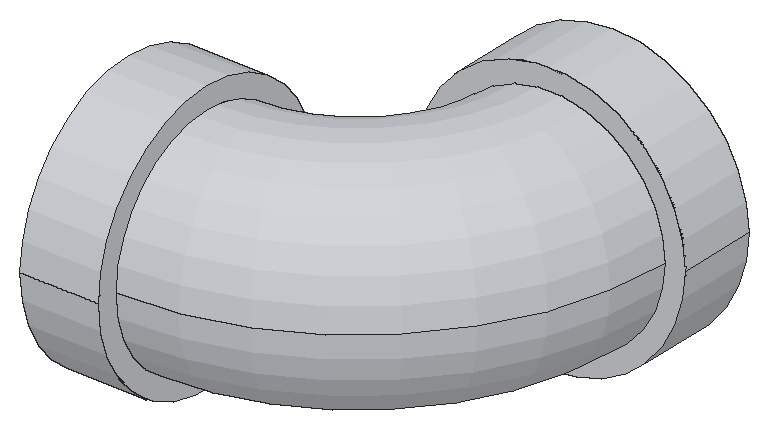
Revit family "27ba57c49042406caf2091c52cb67ce4", category Pipe Fittings, Revit 2021
Family settings
  Round Connector Dimension = Use Radius
  Part Type = Elbow
  OmniClass Number = 23.60.30.11.14
  OmniClass Title = Pipework Fittings
  Seek Item ID = Elbow - Threaded - MI - Class 150-0000-USA-ENU
  Work Plane-Based = No
  Always vertical = Yes
  Cut with Voids When Loaded = No
  Shared = No
Parameters (values of type "Standard")
  Tick Size [instance] = Fitting Outside Diameter * 0.4  # 0.23433"
  Metal Thickness [instance] = size_lookup(Lookup Table Name, "MThk", 0.04 * Nominal Diameter + 11/128", Nominal Diameter)  # 0.09016"
  Loss Method = K Coefficient from Table
  Lookup Table Name = "Elbow - Threaded - MI - Class 150"
  Length 3 [instance] = Center to End * sin(Angle)  # 0.68898"
  Length 2 [instance] = Center to End * cos(Angle) + Center to End  # 0.68898"
  K Coefficient Table = "Regular Threaded 45, 90 and 180 Elbow"
  Fitting Outside Radius [instance] = Fitting Outside Diameter / 2  # 0.29291"
  Fitting Outside Diameter [instance] = Fitting Inside Diameter + Metal Thickness * 2  # 0.58583"
  Length 1 [instance] = (Fitting Outside Radius + 1/32") * tan(Angle / 2) + Band Width  # 0.52495"
  Nominal Radius [instance] = 1/16"
  Nominal Diameter [instance] = Nominal Radius * 2  # 1/8"
  Fitting Inside Diameter [instance] = size_lookup(Lookup Table Name, "FID", 1.08 * Nominal Diameter + 13/64", Nominal Diameter)  # 0.40551"
  Default Elevation = 0' - 0"
  Center to End 1 [instance] = size_lookup(Lookup Table Name, "CtE1", 0.78 * Nominal Diameter + 171/256", Nominal Diameter)  # 0.68898"
  Center to End 2 [instance] = size_lookup(Lookup Table Name, "CtE2", 0.5 * Nominal Diameter + 79/128", Nominal Diameter)  # 0.65748"
  Center to End [instance] = if(and(Angle > 0.00°, (not(Angle > 45.00°))), if(Center to End 2 > Fitting Outside Radius * tan(Angle / 2) + Band Width, Center to End 2, Length 1), if(Center to End 1 > Fitting Outside Radius * tan(Angle / 2) + Band Width, Center to End 1, Length 1))  # 0.68898"
  Center Radius [instance] = (Center to End - Band Width) / tan(Angle / 2)  # 0.48819"
  Band Width [instance] = size_lookup(Lookup Table Name, "BWid", 0.12 * Nominal Diameter + 45/256", Nominal Diameter)  # 0.20079"
  Band Outside Radius [instance] = Band Outside Diameter / 2  # 0.34646"
  Band Outside Diameter [instance] = size_lookup(Lookup Table Name, "BOD", 1.23 * Nominal Diameter + 125/256", Nominal Diameter)  # 0.69291"
  Assembly Code = ""
  Angle [instance] = 90.00°
Reference planes (in)
  plane 1 "Center (Front/Back)": y = 0
  plane 2: z = 0
  plane 3 "Center (Left/Right)": x = 0
  plane 4: x = -0.48819
  plane 5: x = -0.68898
  plane 6: y = 0.48819
  plane 7: y = 0.23433
  plane 8: y = -0.23433
  plane 9: x = 0
  plane 10: y = 0.68898
Forms (in)
  Sweep 1, solid, detail levels fine
    path in 3D
      loop
        arc (-0.48819, 0, 0) -> (-0.14299, 0.14299, 0) -> (0, 0.48819, 0) r 0.48819
    profile origin (-0.14299, 0.14299, 0) x (-0.707107, 0.707107, 0) y (0, 0, 1)
      loop
        circle (0, 0) r 0.29291
  Sweep 2, solid, detail levels fine
    path in 3D
      loop
        line (-0.68898, 0, 0) -> (-0.48819, 0, 0)
    profile origin (-0.58858, 0, 0) x (0, 1, 0) y (0, 0, 1)
      loop
        circle (0, 0) r 0.34646
  Sweep 3, solid, detail levels fine
    path in 3D
      loop
        line (0, 0.48819, 0) -> (0, 0.68898, 0)
    profile origin (0, 0.58858, 0) x (-1, 0, 0) y (0, 0, 1)
      loop
        circle (0, 0) r 0.34646
Cuts and joins
  joined: Sweep 1, Sweep 2, Sweep 3
Lines and regions (in)
  model lines, detail levels coarse+medium
    curve 1: line (-0.68898, 0, 0) -> (-0.48819, 0, 0)
    curve 2: arc (-0.48819, 0, 0) -> (-0.14299, 0.14299, 0) -> (0, 0.48819, 0) r 0.48819
    curve 3: line (0, 0.48819, 0) -> (0, 0.68898, 0)
    curve 8: line (-0.68898, 0, 0) -> (-0.68898, 0.23433, 0)
    curve 9: line (-0.68898, 0, 0) -> (-0.68898, -0.23433, 0)
    curve 10: line (0, 0.68898, 0) -> (-0.23433, 0.68898, 0)
    curve 11: line (0, 0.68898, 0) -> (0.23433, 0.68898, 0)
  sketch lines
    curve 4: arc (-0.48819, 0, 0) -> (-0.14299, 0.14299, 0) -> (0, 0.48819, 0) r 0.48819
    curve 5: line (-0.68898, 0, 0) -> (-0.48819, 0, 0)
    curve 6: line (0, 0.48819, 0) -> (0, 0.68898, 0)
  reference lines
    curve 7: line (-0.68898, 0, 0) -> (-0.48819, 0, 0)
    curve 12: line (0, 0.68898, 0) -> (0, 0.48819, 0)
Dimensions and locks (in)
  "Center Radius": plane 6 to plane 1 "Center (Front/Back)"
  "Band Width": plane 5 to plane 4
  "Tick Size": plane 7 to plane 1 "Center (Front/Back)"
  "Tick Size": plane 8 to plane 1 "Center (Front/Back)"
  "Band Width": curve 3 to curve 3
  "Tick Size": curve 10 to curve 10
  "Tick Size": curve 11 to curve 11
  "Center to End": plane 5 to plane 3 "Center (Left/Right)"
  "Length 2": plane 5 to plane 9
  "Length 3": plane 10 to plane 1 "Center (Front/Back)"
  "Center Radius": radius of curve 2
  "Fitting Outside Radius": radius of Sweep 1 sketch curve
  "Band Outside Radius": radius of Sweep 2 sketch curve
  "Band Outside Radius": radius of Sweep 3 sketch curve
  "Angle": angle curve 2 to curve 2
  "Angle": angle plane 1 "Center (Front/Back)" to curve 3
  locked: curve 11 to curve 3 (angle 90.00°)
  locked: curve 3 to curve 10 (angle 90.00°)
  "Angle": angle plane 10 to curve 12
  aligned and locked: plane 4 to curve 2
  aligned and locked: plane 5 to curve 7
  aligned and locked: plane 1 "Center (Front/Back)" to curve 7
  aligned and locked: plane 7 to curve 8
  aligned and locked: plane 1 "Center (Front/Back)" to curve 9
  aligned and locked: plane 8 to curve 9
  aligned and locked: curve 9 to plane 5
  aligned and locked: plane 10 to curve 12
  aligned and locked: plane 9 to curve 12
Automatic sketch dimensions
  Sweep 1 sketch curve to profile plane = 0' - 0"  (x2)
  Sweep 2 sketch curve to profile plane = 0' - 0"  (x2)
  Sweep 3 sketch curve to profile plane = 0' - 0"  (x2)
  curve 7 to plane 4 = 0' - 0"
Connectors (in)
  piping at (-0.68898, 0, 0), diameter 0.125, driven by "Angle", driven by "Nominal Radius"
    settings: on cut or joined group of Sweep 1, Sweep 2, Sweep 3, index 1, connector inside diameter 1/8", connector length 0' - 0", flow factor 0, pipe flow 0 GPM, pressure drop 0.00 psi, fitting loss kfactor 0, connector angle 90.00°, fixture units 0, engagement length 0' - 0", angle of deflection 0.00°, flow configuration 0, flow direction 0, fitting loss method 0, system type 28, joint type 0, gender type 0, connector reference index 2, connector utility 0, adjustable connector no, is connector primary yes, connector description ""
  piping at (0, 0.68898, 0), diameter 0.125, driven by "Angle", driven by "Nominal Radius"
    settings: on cut or joined group of Sweep 1, Sweep 2, Sweep 3, index 2, connector inside diameter 1/8", connector length 0' - 0", flow factor 0, pipe flow 0 GPM, pressure drop 0.00 psi, fitting loss kfactor 0, connector angle 90.00°, fixture units 0, engagement length 0' - 0", angle of deflection 0.00°, flow configuration 0, flow direction 0, fitting loss method 0, system type 28, joint type 0, gender type 0, connector reference index 1, connector utility 0, adjustable connector no, is connector primary no, connector description ""
